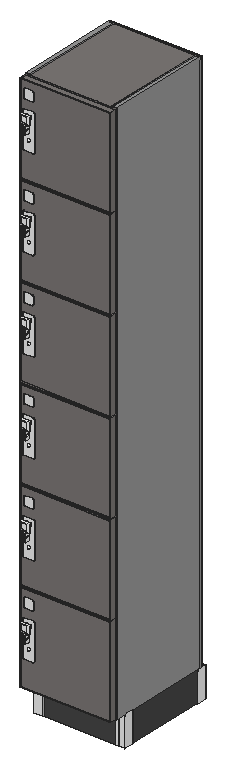
Revit family "Wood_Lockers_Hasps-Salsbury_Industries-46000_Series-1_Wide_Units", category Specialty Equipment, Revit 2023
Family settings
  Round Connector Dimension = Use Diameter
  Part Type = Normal
  OmniClass Number = 23.40.00.00
  OmniClass Title = Equipment and Furnishings
  Work Plane-Based = No
  Enable Cutting in Views = No
  Always vertical = Yes
  Cut with Voids When Loaded = No
  Maintain Annotation Orientation = No
  Shared = No
  Room Calculation Point = No
Parameters (values of type "46165")
  Width = 12.000"
  Version = "1.0 (01/31/24)"
  Unit Height including Sloping Hood Only [instance] = 77.743"
  Unit Height including Base Only [instance] = 76.000"
  URL = "www.lockers.com"
  Type Comments = "Premier Wood Lockers - Box Style - Six Tier - with Hasps"
  Total Doors Height [instance] = if(Unit Height = 72.000", 71.750", if(Unit Height = 60.000", 59.750", 0.000"))  # 71.750"
  Sloping Top Corner Filler - Right Side [instance] = Wood Locker Sloping Corner Fillers : None
  Sloping Top Corner Filler - Left Side [instance] = Wood Locker Sloping Corner Fillers : None
  Sloping In-Line Filler - Right Side [instance] = Wood Locker Sloping In-Line Fillers : None
  Sloping In-Line Filler - Left Side [instance] = Wood Locker Sloping In-Line Fillers : None
  Sloping Hood Height = if(Depth = 15.000", 5.743", if(Depth = 18.000", 6.868", if(Depth = 21.000", 7.993", if(Depth = 24.000", 9.118", 0.000"))))  # 5.743"
  Sloping Hood [instance] = Wood Locker Sloping Hoods : None
  Side Panel without Slope - Right Side [instance] = Wood Locker Side Panels-No Slope : None
  Side Panel without Slope - Left Side [instance] = Wood Locker Side Panels-No Slope : None
  Side Panel with Slope - Right Side [instance] = Wood Locker Side Panels-With Slope : None
  Side Panel with Slope - Left Side [instance] = Wood Locker Side Panels-With Slope : None
  Secondary Structure Materials = Particle Board Industrial Grade - Salsbury Finish - Black Melamine Overlay
  Primary Structure Materials = Particle Board Industrial Grade - Salsbury Finish - Plain
  Overall Unit Height including Base and Sloping Hood [instance] = 81.743"
  OmniClass 23 Title = "Equipment and Furnishings"
  OmniClass 23 Number = "23.40.00.00"
  Model = "46165"
  MasterFormat Title = "Lockers"
  MasterFormat Code = "10 51 23"
  Manufacturer = "Salsbury Industries"
  Laminate Surface [instance] = Industrial Grade Particleboard with Wood Laminate - Salsbury Finish - Skyline Walnut
  Interior Material = Textured Melamine - Salsbury Finish - White
  Individual Door Width [instance] = 11.875"
  Unit Height = 72.000"
  Individual Door Height = if(Unit Height = 72.000", 11.802", if(Unit Height = 60.000", 11.802", 0.000"))  # 11.802"
  Hardware = Aluminum - Salsbury Finish - Black Satin
  Front Vertical Filler - Right Side [instance] = Wood Locker Front Fillers : None
  Front Vertical Filler - Left Side [instance] = Wood Locker Front Fillers : None
  Front Corner Filler - Right Side [instance] = Wood Locker Front Corner Filler : None
  Front Corner Filler - Left Side [instance] = Wood Locker Front Corner Filler : None
  Flat Top In-Line Filler - Right Side [instance] = Wood Locker Flat In-Line Fillers : None
  Flat Top In-Line Filler - Left Side [instance] = Wood Locker Flat In-Line Fillers : None
  Flat Top Corner Filler - Right Side [instance] = Wood Locker Flat Corner Fillers : None
  Flat Top Corner Filler - Left Side [instance] = Wood Locker Flat Corner Fillers : None
  Fascia Filler [instance] = Wood Locker Fascia Fillers : None
  Double Side Panel without Slope - Right Side [instance] = Wood Locker Double Side Panels-No Slope : None
  Double Side Panel without Slope - Left Side [instance] = Wood Locker Double Side Panels-No Slope : None
  Double Side Panel with Slope - Right Side [instance] = Wood Locker Double Side Panels-With Slope : None
  Double Side Panel with Slope - Left Side [instance] = Wood Locker Double Side Panels-With Slope : None
  Door Location D1 = Premier Locker Doors_Hasp : Six Tier Door for Six Foot High Locker
  Description = "1 Wide - 6 Feet High - 15 inches Deep - with Base"
  Depth = 15.000"
  Default Elevation = 0.000"
  Compartment Width [instance] = 10.750"
  Compartment Height [instance] = if(Unit Height = 72.000", 11.125", if(Unit Height = 60.000", 11.100", 0.000"))  # 11.125"
  Compartment Depth [instance] = 13.750"
  Base Material = Particle Board Industrial Grade - Salsbury Finish - Black Melamine Overlay
  Base Height = 4.000"
  Base Depth [instance] = 13.250"
  Base = Wood Locker Bases : Base - 12" W x 15" D Lockers
  Assembly Code = "C1030310"
Reference planes (in)
  plane 1 "Center (Front/Back)": y = 0
  plane 2: z = 0
  plane 3 "Center (Left/Right)": x = 0
  plane 4 "Right Side of Unit": x = 6
  plane 5 "Left Side of Unit": x = -6
  plane 6 "Back of Unit": y = 7.5
  plane 7 "Front of Unit": y = -7.5
  plane 8 "Bottom of Base": z = 0
  plane 9 "Top Edge of Unit": z = 76
  plane 10 "Top of Base Edge": z = 4
  plane 11: z = 81.743
  plane 12 "Right Compartment Edge": x = 5.406
  plane 13 "Left Compartment Edge": x = -5.406
  plane 14 "Front Melamine Edge": y = -6.5
  plane 15 "Back Compartment Edge": y = 7.281
  plane 16 "Front Compartment Edge": y = -6.469
  plane 17 "Front Edge of Base": y = -5.125
  plane 18 "Bottom Edge of Door": z = 4.125
  plane 19 "Top Edge of Door": z = 75.875
  plane 20 "Bottom Compartment Edge": z = 4.75
  plane 21 "Top Compartment Edge": z = 75.25
  plane 22 "Center Top and Bottom": z = 40
  plane 23 "Left Melamine Edge": x = -5.375
  plane 24 "Right Melamine Edge": x = 5.375
  plane 25 "Back Melamine Edge": y = 7.25
  plane 26 "Left Edge of Door": x = -5.875
  plane 27: y = 8.125
  plane 28: y = -5.75
  plane 29 "Base / Ventillation Alignment": y = 8.125
  plane 30 "Compartment Shelf 5": z = 16.625
  plane 31: z = 15.875
  plane 32: z = 15.927
  plane 33: z = 16.115
  plane 34: z = 27.75
  plane 35 "Compartment Shelf 4": z = 28.5
  plane 36: z = 27.917
  plane 37: z = 28.105
  plane 38: z = 39.625
  plane 39 "Compartment Shelf 3": z = 40.375
  plane 40: z = 39.907
  plane 41: z = 40.095
  plane 42 "Compartment Shelf 2": z = 52.25
  plane 43: z = 51.5
  plane 44: z = 51.897
  plane 45: z = 52.085
  plane 46: z = 63.375
  plane 47 "Compartment Shelf 1": z = 64.125
  plane 48: z = 63.887
  plane 49: z = 64.075
Forms (in)
  Extrusion 1, solid, material "Particle Board Industrial Grade - Salsbury Finish - Plain" <- "Primary Structure Materials"
    sketch origin (6, 0, 0) x (0, -1, 0) y (0, 0, 1)
      loop
        line (6.469, 76) -> (-7.25, 76) -> (-7.25, 4) -> (6.469, 4) -> (6.469, 76)
    from 0 to 0.594
  Extrusion 2, solid, material "Particle Board Industrial Grade - Salsbury Finish - Plain" <- "Primary Structure Materials"
    sketch origin (-6, 0, 0) x (0, -1, 0) y (0, 0, 1)
      loop
        line (-7.25, 76) -> (-7.25, 4) -> (6.469, 4) -> (6.469, 76) -> (-7.25, 76)
    from 0 to -0.594
  Extrusion 3, solid, material "Textured Melamine - Salsbury Finish - White" <- "Interior Material"
    sketch origin (0, 0, 4) x (0, -1, 0) y (1, 0, 0)
      loop
        line (-7.25, -5.375) -> (6.469, -5.375) -> (6.469, 5.375) -> (-7.25, 5.375) -> (-7.25, -5.375)
    from 0 to 0.75
  Extrusion 4, solid, material "Industrial Grade Particleboard with Wood Laminate - Salsbury Finish - Skyline Walnut" <- "Laminate Surface"
    sketch origin (0.375, 0.375, 76) x (1, 0, 0) y (0, 1, 0)
      loop
        line (-5.75, -6.875) -> (5, -6.875) -> (5, 6.875) -> (-5.75, 6.875) -> (-5.75, -6.875)
    from 0 to -0.75
  Extrusion 5, solid, material "Particle Board Industrial Grade - Salsbury Finish - Plain" <- "Primary Structure Materials"
    sketch origin (0, 7.5, 0) x (1, 0, 0) y (0, 0, 1)
      loop
        line (-6, 76) -> (-6, 4) -> (6, 4) -> (6, 76) -> (-6, 76)
    from 0 to 0.219
  Extrusion 6, solid, material "Industrial Grade Particleboard with Wood Laminate - Salsbury Finish - Skyline Walnut" <- "Laminate Surface"
    sketch origin (0, -6.469, 0) x (1, 0, 0) y (0, 0, 1)
      loop
        line (-6, 76) -> (-6, 4) -> (-5.375, 4) -> (-5.375, 76) -> (-6, 76)
    from 0 to 0.031
  Extrusion 7, solid, material "Industrial Grade Particleboard with Wood Laminate - Salsbury Finish - Skyline Walnut" <- "Laminate Surface"
    sketch origin (0, -6.469, 0) x (-1, 0, 0) y (0, 0, -1)
      loop
        line (-6, -76) -> (-5.375, -76) -> (-5.375, -4) -> (-6, -4) -> (-6, -76)
    from 0 to 0.031
  Extrusion 8, solid, material "Textured Melamine - Salsbury Finish - White" <- "Interior Material"
    sketch origin (0, 7.25, 0) x (1, 0, 0) y (0, 0, 1)
      loop
        line (-6, 76) -> (-6, 4) -> (6, 4) -> (6, 76) -> (-6, 76)
    from -0.031 to 0
  Extrusion 9, solid, material "Textured Melamine - Salsbury Finish - White" <- "Interior Material"
    sketch origin (-5.406, 0, 0) x (0, -1, 0) y (0, 0, 1)
      loop
        line (-7.25, 76) -> (-7.25, 4) -> (6.469, 4) -> (6.469, 76) -> (-7.25, 76)
    from 0 to -0.031
  Extrusion 10, solid, material "Textured Melamine - Salsbury Finish - White" <- "Interior Material"
    sketch origin (5.406, 0, 0) x (0, -1, 0) y (0, 0, 1)
      loop
        line (6.469, 76) -> (-7.25, 76) -> (-7.25, 4) -> (6.469, 4) -> (6.469, 76)
    from 0 to 0.031
  Extrusion 11, solid, material "Textured Melamine - Salsbury Finish - White" <- "Interior Material", detail levels fine
    sketch origin (0, 0, 16.625) x (0, -1, 0) y (1, 0, 0)
      loop
        line (-7.25, -5.375) -> (6.469, -5.375) -> (6.469, 5.375) -> (-7.25, 5.375) -> (-7.25, -5.375)
    from 0 to -0.75
  Extrusion 12, solid, material "Textured Melamine - Salsbury Finish - White" <- "Interior Material", detail levels fine
    sketch origin (0, 0, 28.5) x (0, -1, 0) y (1, 0, 0)
      loop
        line (-7.25, -5.375) -> (6.469, -5.375) -> (6.469, 5.375) -> (-7.25, 5.375) -> (-7.25, -5.375)
    from 0 to -0.75
  Extrusion 13, solid, material "Textured Melamine - Salsbury Finish - White" <- "Interior Material", detail levels fine
    sketch origin (0, 0, 40.375) x (0, -1, 0) y (1, 0, 0)
      loop
        line (-7.25, -5.375) -> (6.469, -5.375) -> (6.469, 5.375) -> (-7.25, 5.375) -> (-7.25, -5.375)
    from 0 to -0.75
  Extrusion 14, solid, material "Textured Melamine - Salsbury Finish - White" <- "Interior Material", detail levels fine
    sketch origin (0, 0, 52.25) x (0, -1, 0) y (1, 0, 0)
      loop
        line (-7.25, -5.375) -> (6.469, -5.375) -> (6.469, 5.375) -> (-7.25, 5.375) -> (-7.25, -5.375)
    from 0 to -0.75
  Extrusion 15, solid, material "Textured Melamine - Salsbury Finish - White" <- "Interior Material", detail levels fine
    sketch origin (0, 0, 64.125) x (0, -1, 0) y (1, 0, 0)
      loop
        line (-7.25, -5.375) -> (6.469, -5.375) -> (6.469, 5.375) -> (-7.25, 5.375) -> (-7.25, -5.375)
    from 0 to -0.75
  Extrusion 16, solid, material "Industrial Grade Particleboard with Wood Laminate - Salsbury Finish - Skyline Walnut" <- "Laminate Surface"
    sketch origin (0, -6.5, 0) x (1, 0, 0) y (0, 0, 1)
      loop
        line (-5.375, 64.125) -> (-5.375, 63.375) -> (5.375, 63.375) -> (5.375, 64.125) -> (-5.375, 64.125)
    from 0 to -0.031
  Extrusion 17, solid, material "Industrial Grade Particleboard with Wood Laminate - Salsbury Finish - Skyline Walnut" <- "Laminate Surface"
    sketch origin (0, -6.5, 0) x (1, 0, 0) y (0, 0, 1)
      loop
        line (-5.375, 52.25) -> (-5.375, 51.5) -> (5.375, 51.5) -> (5.375, 52.25) -> (-5.375, 52.25)
    from 0 to -0.031
  Extrusion 18, solid, material "Industrial Grade Particleboard with Wood Laminate - Salsbury Finish - Skyline Walnut" <- "Laminate Surface"
    sketch origin (0, -6.5, 0) x (1, 0, 0) y (0, 0, 1)
      loop
        line (-5.375, 40.375) -> (-5.375, 39.625) -> (5.375, 39.625) -> (5.375, 40.375) -> (-5.375, 40.375)
    from 0 to -0.031
  Extrusion 19, solid, material "Industrial Grade Particleboard with Wood Laminate - Salsbury Finish - Skyline Walnut" <- "Laminate Surface"
    sketch origin (0, -6.5, 0) x (1, 0, 0) y (0, 0, 1)
      loop
        line (-5.375, 28.5) -> (-5.375, 27.75) -> (5.375, 27.75) -> (5.375, 28.5) -> (-5.375, 28.5)
    from 0 to -0.031
  Extrusion 20, solid, material "Industrial Grade Particleboard with Wood Laminate - Salsbury Finish - Skyline Walnut" <- "Laminate Surface"
    sketch origin (0, -6.5, 0) x (1, 0, 0) y (0, 0, 1)
      loop
        line (-5.375, 16.625) -> (-5.375, 15.875) -> (5.375, 15.875) -> (5.375, 16.625) -> (-5.375, 16.625)
    from 0 to -0.031
  Extrusion 21, solid, material "Industrial Grade Particleboard with Wood Laminate - Salsbury Finish - Skyline Walnut" <- "Laminate Surface"
    sketch origin (0, -6.5, 0) x (1, 0, 0) y (0, 0, 1)
      loop
        line (-5.375, 4.75) -> (-5.375, 4) -> (5.375, 4) -> (5.375, 4.75) -> (-5.375, 4.75)
    from 0 to -0.031
Lines and regions (in)
  symbolic lines
    curve 1: line (-6, 7.25, 76) -> (6.00006, 7.25, 76)
    curve 2: line (-6, 7.25, 0) -> (-6, 7.25, 76)
    curve 3: line (6.00006, 7.25, 76) -> (6.00006, 7.25, 0)
    curve 4: line (5.406, -6.5, 76) -> (5.406, 8.125, 76)
    curve 5: line (5.406, -6.5, 0) -> (5.406, -6.5, 76)
    curve 6: line (5.406, 8.125, 76) -> (5.406, 8.125, 0)
    curve 7: line (6.00006, 7.25, 0) -> (-6, 7.25, 0)
    curve 8: line (5.406, -5.125, 0) -> (5.406, 8.125, 0)
    curve 9: line (5.406, 8.125, 0) -> (5.406, -5.125, 0)
    curve 10: line (5.406, -6.5, 0) -> (5.406, 8.125, 0)
    curve 11: line (-6, 8.125, 0) -> (6, 8.125, 0)
    curve 12: line (-6, -6.5, 0) -> (-6, 8.125, 0)
    curve 13: line (6, -6.5, 0) -> (-6, -6.5, 0)
    curve 14: line (6, 8.125, 0) -> (6, -6.5, 0)
Dimensions and locks (in)
  equal spacing: plane 5 "Left Side of Unit", plane 3 "Center (Left/Right)", plane 4 "Right Side of Unit"
  "Width": plane 5 "Left Side of Unit" to plane 4 "Right Side of Unit"
  equal spacing: plane 7 "Front of Unit", plane 1 "Center (Front/Back)", plane 6 "Back of Unit"
  "Depth": plane 7 "Front of Unit" to plane 6 "Back of Unit"
  "Base Height": plane 10 "Top of Base Edge" to plane 8 "Bottom of Base"
  "Unit Height": plane 9 "Top Edge of Unit" to plane 10 "Top of Base Edge"
  "Sloping Hood Height": plane 11 to plane 9 "Top Edge of Unit"
  locked: plane 12 "Right Compartment Edge" to plane 4 "Right Side of Unit" at 0.594
  locked: plane 5 "Left Side of Unit" to plane 13 "Left Compartment Edge" at 0.594
  locked: plane 7 "Front of Unit" to plane 14 "Front Melamine Edge" at 1
  locked: plane 15 "Back Compartment Edge" to plane 6 "Back of Unit" at 0.219
  locked: plane 14 "Front Melamine Edge" to plane 16 "Front Compartment Edge" at 0.031
  plane 18 "Bottom Edge of Door" to plane 10 "Top of Base Edge" = 0.125"
  plane 9 "Top Edge of Unit" to plane 19 "Top Edge of Door" = 0.125"
  plane 20 "Bottom Compartment Edge" to plane 10 "Top of Base Edge" = 0.750"
  plane 9 "Top Edge of Unit" to plane 21 "Top Compartment Edge" = 0.750"
  equal spacing: plane 9 "Top Edge of Unit", plane 22 "Center Top and Bottom", plane 10 "Top of Base Edge"
  locked: plane 24 "Right Melamine Edge" to plane 12 "Right Compartment Edge" at 0.031
  locked: plane 13 "Left Compartment Edge" to plane 23 "Left Melamine Edge" at 0.031
  locked: plane 25 "Back Melamine Edge" to plane 15 "Back Compartment Edge" at 0.031
  locked: plane 5 "Left Side of Unit" to plane 26 "Left Edge of Door" at 0.125
  "Individual Door Width": plane 26 "Left Edge of Door" to plane 4 "Right Side of Unit"
  "Total Doors Height": plane 19 "Top Edge of Door" to plane 18 "Bottom Edge of Door"
  "Unit Height including Base Only": plane 9 "Top Edge of Unit" to plane 8 "Bottom of Base"
  "Unit Height including Sloping Hood Only": plane 11 to plane 10 "Top of Base Edge"
  "Overall Unit Height including Base and Sloping Hood": plane 11 to plane 8 "Bottom of Base"
  locked: plane 7 "Front of Unit" to plane 17 "Front Edge of Base" at 2.375
  locked: plane 6 "Back of Unit" to plane 27 at 0.625
  "Base Depth": plane 17 "Front Edge of Base" to plane 27
  "Compartment Width": plane 23 "Left Melamine Edge" to plane 24 "Right Melamine Edge"
  "Compartment Height": plane 31 to plane 20 "Bottom Compartment Edge"
  "Compartment Depth": plane 14 "Front Melamine Edge" to plane 25 "Back Melamine Edge"
  locked: plane 14 "Front Melamine Edge" to plane 28 at 0.75
  plane 14 "Front Melamine Edge" to plane 27 = 14.625"
  Extrusion 2 to Extrusion 9 = 13.719"
  plane 6 "Back of Unit" to plane 29 "Base / Ventillation Alignment" = 0.625"
  locked: plane 30 "Compartment Shelf 5" to plane 31 at 0.75
  locked: plane 33 to plane 32 at 0.188
  "Individual Door Height": plane 32 to plane 18 "Bottom Edge of Door"
  locked: plane 35 "Compartment Shelf 4" to plane 34 at 0.75
  locked: plane 37 to plane 36 at 0.188
  "Compartment Height": plane 34 to plane 30 "Compartment Shelf 5"
  "Individual Door Height": plane 36 to plane 33
  locked: plane 39 "Compartment Shelf 3" to plane 38 at 0.75
  locked: plane 41 to plane 40 at 0.188
  "Compartment Height": plane 38 to plane 35 "Compartment Shelf 4"
  "Individual Door Height": plane 40 to plane 37
  locked: plane 49 to plane 48 at 0.188
  locked: plane 47 "Compartment Shelf 1" to plane 46 at 0.75
  locked: plane 42 "Compartment Shelf 2" to plane 43 at 0.75
  locked: plane 45 to plane 44 at 0.188
  "Compartment Height": plane 43 to plane 39 "Compartment Shelf 3"
  "Compartment Height": plane 46 to plane 42 "Compartment Shelf 2"
  "Individual Door Height": plane 44 to plane 41
  "Individual Door Height": plane 48 to plane 45
  nested 6 to plane 20 "Bottom Compartment Edge" = 70.500"
  aligned and locked: level to plane 2
  aligned and locked: plane 15 "Back Compartment Edge" to Extrusion 5
  aligned and locked: plane 4 "Right Side of Unit" to nested 1
  aligned and locked: plane 18 "Bottom Edge of Door" to nested 1
  aligned and locked: plane 7 "Front of Unit" to nested 1
  aligned and locked: plane 9 "Top Edge of Unit" to nested 2
  aligned and locked: plane 14 "Front Melamine Edge" to nested 2
  aligned and locked: plane 5 "Left Side of Unit" to nested 3
  aligned and locked: plane 14 "Front Melamine Edge" to nested 3
  aligned and locked: plane 9 "Top Edge of Unit" to nested 3
  aligned and locked: plane 4 "Right Side of Unit" to nested 4
  aligned and locked: nested 4 to plane 9 "Top Edge of Unit"
  aligned and locked: nested 4 to plane 14 "Front Melamine Edge"
  aligned and locked: plane 9 "Top Edge of Unit" to nested 5
  aligned and locked: plane 28 to nested 5
  aligned and locked: nested 6 to plane 28
  aligned and locked: plane 5 "Left Side of Unit" to nested 6
  aligned and locked: plane 4 "Right Side of Unit" to nested 5
  aligned and locked: nested 6 to plane 9 "Top Edge of Unit"
  aligned and locked: nested 8 to plane 5 "Left Side of Unit"
  aligned and locked: nested 7 to plane 4 "Right Side of Unit"
  aligned and locked: plane 14 "Front Melamine Edge" to nested 7
  aligned and locked: nested 8 to plane 14 "Front Melamine Edge"
  aligned and locked: plane 10 "Top of Base Edge" to nested 7
  aligned and locked: nested 8 to plane 10 "Top of Base Edge"
  aligned and locked: plane 5 "Left Side of Unit" to nested 9
  aligned and locked: plane 4 "Right Side of Unit" to nested 10
  aligned and locked: nested 10 to plane 10 "Top of Base Edge"
  aligned and locked: plane 10 "Top of Base Edge" to nested 9
  aligned and locked: plane 16 "Front Compartment Edge" to nested 10
  aligned and locked: nested 9 to plane 14 "Front Melamine Edge"
  aligned and locked: plane 4 "Right Side of Unit" to nested 11
  aligned and locked: nested 11 to plane 10 "Top of Base Edge"
  aligned and locked: plane 14 "Front Melamine Edge" to nested 11
  aligned and locked: plane 14 "Front Melamine Edge" to nested 12
  aligned and locked: nested 12 to nested 4
  aligned and locked: plane 10 "Top of Base Edge" to nested 12
  aligned and locked: nested 13 to plane 5 "Left Side of Unit"
  aligned and locked: nested 13 to plane 14 "Front Melamine Edge"
  aligned and locked: nested 13 to plane 10 "Top of Base Edge"
  aligned and locked: plane 14 "Front Melamine Edge" to nested 14
  aligned and locked: nested 14 to plane 4 "Right Side of Unit"
  aligned and locked: nested 15 to plane 14 "Front Melamine Edge"
  aligned and locked: nested 15 to plane 5 "Left Side of Unit"
  aligned and locked: plane 10 "Top of Base Edge" to nested 14
  aligned and locked: nested 15 to plane 10 "Top of Base Edge"
  aligned and locked: plane 14 "Front Melamine Edge" to nested 16
  aligned and locked: plane 4 "Right Side of Unit" to nested 16
  aligned and locked: nested 17 to plane 14 "Front Melamine Edge"
  aligned and locked: plane 5 "Left Side of Unit" to nested 17
  aligned and locked: nested 16 to plane 8 "Bottom of Base"
  aligned and locked: nested 17 to plane 8 "Bottom of Base"
  aligned and locked: nested 18 to plane 5 "Left Side of Unit"
  aligned and locked: nested 19 to plane 4 "Right Side of Unit"
  aligned and locked: nested 19 to plane 14 "Front Melamine Edge"
  aligned and locked: plane 14 "Front Melamine Edge" to nested 18
  aligned and locked: plane 8 "Bottom of Base" to nested 19
  aligned and locked: nested 18 to plane 8 "Bottom of Base"
  aligned and locked: plane 17 "Front Edge of Base" to nested 20
  aligned and locked: plane 9 "Top Edge of Unit" to nested 21
  aligned and locked: plane 5 "Left Side of Unit" to nested 21
  aligned and locked: nested 22 to plane 9 "Top Edge of Unit"
  aligned and locked: plane 4 "Right Side of Unit" to nested 22
  aligned and locked: nested 22 to plane 14 "Front Melamine Edge"
  aligned and locked: nested 21 to plane 14 "Front Melamine Edge"
  aligned and locked: nested 24 to plane 9 "Top Edge of Unit"
  aligned and locked: plane 4 "Right Side of Unit" to nested 24
  aligned and locked: nested 23 to plane 9 "Top Edge of Unit"
  aligned and locked: plane 5 "Left Side of Unit" to nested 23
  aligned and locked: nested 24 to plane 28
  aligned and locked: nested 23 to plane 28
  aligned and locked: plane 14 "Front Melamine Edge" to nested 25
  aligned and locked: plane 9 "Top Edge of Unit" to nested 25
  aligned and locked: plane 8 "Bottom of Base" to nested 20
  aligned and locked: plane 3 "Center (Left/Right)" to nested 20
  aligned and locked: plane 25 "Back Melamine Edge" to Extrusion 3 sketch curve
  aligned and locked: Extrusion 3 sketch curve to plane 23 "Left Melamine Edge"
  aligned and locked: plane 24 "Right Melamine Edge" to Extrusion 3 sketch curve
  aligned and locked: Extrusion 4 to plane 9 "Top Edge of Unit"
  aligned and locked: plane 21 "Top Compartment Edge" to Extrusion 4
  aligned and locked: Extrusion 2 sketch curve to plane 9 "Top Edge of Unit"
  aligned and locked: plane 16 "Front Compartment Edge" to Extrusion 2 sketch curve
  aligned and locked: Extrusion 2 sketch curve to plane 25 "Back Melamine Edge"
  aligned and locked: plane 10 "Top of Base Edge" to Extrusion 2 sketch curve
  aligned and locked: Extrusion 2 to plane 13 "Left Compartment Edge"
  aligned and locked: plane 5 "Left Side of Unit" to Extrusion 2
  aligned and locked: plane 10 "Top of Base Edge" to Extrusion 9 sketch curve
  aligned and locked: Extrusion 9 sketch curve to plane 25 "Back Melamine Edge"
  aligned and locked: Extrusion 9 sketch curve to plane 9 "Top Edge of Unit"
  aligned and locked: Extrusion 1 sketch curve to plane 16 "Front Compartment Edge"
  aligned and locked: plane 9 "Top Edge of Unit" to Extrusion 1 sketch curve
  aligned and locked: Extrusion 1 sketch curve to plane 10 "Top of Base Edge"
  aligned and locked: plane 25 "Back Melamine Edge" to Extrusion 1 sketch curve
  aligned and locked: Extrusion 1 to plane 4 "Right Side of Unit"
  aligned and locked: plane 12 "Right Compartment Edge" to Extrusion 1
  aligned and locked: Extrusion 10 sketch curve to plane 10 "Top of Base Edge"
  aligned and locked: plane 25 "Back Melamine Edge" to Extrusion 10 sketch curve
  aligned and locked: Extrusion 10 sketch curve to plane 16 "Front Compartment Edge"
  aligned and locked: plane 9 "Top Edge of Unit" to Extrusion 10 sketch curve
  aligned and locked: Extrusion 10 to plane 12 "Right Compartment Edge"
  aligned and locked: plane 24 "Right Melamine Edge" to Extrusion 10
  aligned and locked: Extrusion 8 sketch curve to plane 10 "Top of Base Edge"
  aligned and locked: plane 4 "Right Side of Unit" to Extrusion 8 sketch curve
  aligned and locked: plane 9 "Top Edge of Unit" to Extrusion 8 sketch curve
  aligned and locked: Extrusion 8 sketch curve to plane 5 "Left Side of Unit"
  aligned and locked: Extrusion 8 to plane 15 "Back Compartment Edge"
  aligned and locked: plane 25 "Back Melamine Edge" to Extrusion 8
  aligned and locked: plane 9 "Top Edge of Unit" to Extrusion 5 sketch curve
  aligned and locked: Extrusion 5 sketch curve to plane 5 "Left Side of Unit"
  aligned and locked: Extrusion 5 sketch curve to plane 10 "Top of Base Edge"
  aligned and locked: plane 4 "Right Side of Unit" to Extrusion 5 sketch curve
  aligned and locked: Extrusion 7 sketch curve to plane 9 "Top Edge of Unit"
  aligned and locked: Extrusion 7 sketch curve to plane 4 "Right Side of Unit"
  aligned and locked: plane 24 "Right Melamine Edge" to Extrusion 7 sketch curve
  aligned and locked: plane 10 "Top of Base Edge" to Extrusion 7 sketch curve
  aligned and locked: Extrusion 7 to plane 16 "Front Compartment Edge"
  aligned and locked: plane 14 "Front Melamine Edge" to Extrusion 7
  aligned and locked: Extrusion 6 sketch curve to plane 10 "Top of Base Edge"
  aligned and locked: plane 23 "Left Melamine Edge" to Extrusion 6 sketch curve
  aligned and locked: Extrusion 6 sketch curve to plane 5 "Left Side of Unit"
  aligned and locked: plane 9 "Top Edge of Unit" to Extrusion 6 sketch curve
  aligned and locked: Extrusion 6 to plane 16 "Front Compartment Edge"
  aligned and locked: plane 14 "Front Melamine Edge" to Extrusion 6
  aligned and locked: plane 16 "Front Compartment Edge" to Extrusion 9
  aligned and locked: plane 13 "Left Compartment Edge" to Extrusion 9
  aligned and locked: nested 3 to curve 1
  aligned and locked: curve 2 to nested 17
  aligned and locked: curve 4 to nested 2
  aligned and locked: nested 16 to curve 5
  aligned and locked: curve 9 to nested 20
  aligned and locked: curve 10 to nested 16
  aligned and locked: curve 13 to plane 14 "Front Melamine Edge"
  aligned and locked: curve 12 to plane 5 "Left Side of Unit"
  aligned and locked: plane 29 "Base / Ventillation Alignment" to curve 11
  aligned and locked: plane 3 "Center (Left/Right)" to nested 2
  aligned and locked: plane 3 "Center (Left/Right)" to nested 25
  aligned and locked: plane 29 "Base / Ventillation Alignment" to curve 6
  aligned and locked: plane 25 "Back Melamine Edge" to Extrusion 11 sketch curve
  aligned and locked: Extrusion 11 sketch curve to plane 23 "Left Melamine Edge"
  aligned and locked: plane 24 "Right Melamine Edge" to Extrusion 11 sketch curve
  aligned and locked: plane 25 "Back Melamine Edge" to Extrusion 12 sketch curve
  aligned and locked: plane 24 "Right Melamine Edge" to Extrusion 12 sketch curve
  aligned and locked: Extrusion 12 sketch curve to plane 23 "Left Melamine Edge"
  aligned and locked: plane 33 to nested 26
  aligned and locked: plane 4 "Right Side of Unit" to nested 26
  aligned and locked: plane 4 "Right Side of Unit" to nested 27
  aligned and locked: plane 37 to nested 27
  aligned and locked: plane 7 "Front of Unit" to nested 27
  aligned and locked: plane 7 "Front of Unit" to nested 26
  aligned and locked: plane 25 "Back Melamine Edge" to Extrusion 13 sketch curve
  aligned and locked: plane 24 "Right Melamine Edge" to Extrusion 13 sketch curve
  aligned and locked: Extrusion 13 sketch curve to plane 23 "Left Melamine Edge"
  aligned and locked: plane 41 to nested 28
  aligned and locked: plane 4 "Right Side of Unit" to nested 28
  aligned and locked: plane 7 "Front of Unit" to nested 28
  aligned and locked: plane 25 "Back Melamine Edge" to Extrusion 14 sketch curve
  aligned and locked: plane 24 "Right Melamine Edge" to Extrusion 14 sketch curve
  aligned and locked: Extrusion 14 sketch curve to plane 23 "Left Melamine Edge"
  aligned and locked: plane 25 "Back Melamine Edge" to Extrusion 15 sketch curve
  aligned and locked: plane 24 "Right Melamine Edge" to Extrusion 15 sketch curve
  aligned and locked: Extrusion 15 sketch curve to plane 23 "Left Melamine Edge"
  aligned and locked: plane 7 "Front of Unit" to nested 30
  aligned and locked: plane 7 "Front of Unit" to nested 29
  aligned and locked: plane 45 to nested 29
  aligned and locked: plane 49 to nested 30
  aligned and locked: plane 4 "Right Side of Unit" to nested 30
  aligned and locked: plane 4 "Right Side of Unit" to nested 29
  aligned and locked: plane 14 "Front Melamine Edge" to Extrusion 4
  aligned and locked: plane 16 "Front Compartment Edge" to Extrusion 15
  aligned and locked: plane 16 "Front Compartment Edge" to Extrusion 14
  aligned and locked: plane 16 "Front Compartment Edge" to Extrusion 13
  aligned and locked: plane 16 "Front Compartment Edge" to Extrusion 12
  aligned and locked: plane 16 "Front Compartment Edge" to Extrusion 11
  aligned and locked: plane 16 "Front Compartment Edge" to Extrusion 3
  aligned and locked: Extrusion 16 sketch curve to Extrusion 15  (x4)
  aligned and locked: plane 14 "Front Melamine Edge" to Extrusion 16
  aligned and locked: Extrusion 16 to plane 16 "Front Compartment Edge"
  aligned and locked: Extrusion 17 sketch curve to Extrusion 14  (x4)
  aligned and locked: plane 14 "Front Melamine Edge" to Extrusion 17
  aligned and locked: Extrusion 17 to plane 16 "Front Compartment Edge"
  aligned and locked: Extrusion 18 sketch curve to Extrusion 13  (x4)
  aligned and locked: plane 14 "Front Melamine Edge" to Extrusion 18
  aligned and locked: Extrusion 18 to plane 16 "Front Compartment Edge"
  aligned and locked: Extrusion 19 sketch curve to Extrusion 12  (x4)
  aligned and locked: plane 14 "Front Melamine Edge" to Extrusion 19
  aligned and locked: Extrusion 19 to plane 16 "Front Compartment Edge"
  aligned and locked: Extrusion 20 sketch curve to Extrusion 11  (x4)
  aligned and locked: plane 14 "Front Melamine Edge" to Extrusion 20
  aligned and locked: Extrusion 20 to plane 16 "Front Compartment Edge"
  aligned and locked: Extrusion 21 sketch curve to Extrusion 3  (x3)
  aligned and locked: Extrusion 7 to Extrusion 21 sketch curve
  aligned and locked: plane 14 "Front Melamine Edge" to Extrusion 21
  aligned and locked: Extrusion 21 to plane 16 "Front Compartment Edge"
Automatic sketch dimensions
  Extrusion 9 sketch curve to plane 16 "Front Compartment Edge" = 0.000"
  curve 3 to level = 0.000"
  curve 3 to plane 4 "Right Side of Unit" = 0.00006"
  curve 8 to plane 17 "Front Edge of Base" = 0.000"
  curve 9 to plane 17 "Front Edge of Base" = 0.000"
  curve 13 to plane 4 "Right Side of Unit" = 0.000"
  Extrusion 4 sketch curve to plane 5 "Left Side of Unit" = 0.625"
  plane 17 "Front Edge of Base" to Extrusion 4 sketch curve = 1.375"
  plane 4 "Right Side of Unit" to Extrusion 4 sketch curve = 0.625"
  plane 25 "Back Melamine Edge" to Extrusion 4 sketch curve = 0.000"
  Extrusion 15 sketch curve to plane 14 "Front Melamine Edge" = 0.031"
  Extrusion 14 sketch curve to plane 14 "Front Melamine Edge" = 0.031"
  Extrusion 13 sketch curve to plane 14 "Front Melamine Edge" = 0.031"
  Extrusion 12 sketch curve to plane 14 "Front Melamine Edge" = 0.031"
  Extrusion 11 sketch curve to plane 14 "Front Melamine Edge" = 0.031"
  Extrusion 3 sketch curve to plane 14 "Front Melamine Edge" = 0.031"
Nested families (in)
  nested 1: "Premier Locker Doors_Hasp" at (0.0625, -7.125, 4.125), type <- "Door Location D1", type "Six Tier Door for Six Foot High Locker"
  nested 2: "Wood Locker Sloping Hoods" at (0, 0.8125, 76), type <- "Sloping Hood", type "None"
  nested 3: "Wood Locker Sloping Corner Fillers" at (-15.25, 0.5, 76), type <- "Sloping Top Corner Filler - Left Side", type "None"
  nested 4: "Wood Locker Sloping Corner Fillers" at (15.25, 0.5, 76) x (-1, 0, 0) z (0, 0, 1), type <- "Sloping Top Corner Filler - Right Side", type "None"
  nested 5: "Wood Locker Flat Corner Fillers" at (13.5, -2.125, 75.25), type <- "Flat Top Corner Filler - Right Side", type "None"
  nested 6: "Wood Locker Flat Corner Fillers" at (-13.5, -2.125, 75.25) x (-1, 0, 0) z (0, 0, 1), type <- "Flat Top Corner Filler - Left Side", type "None"
  nested 7: "Wood Locker Side Panels-No Slope" at (6.375, 0.5, 4) x (0, 1, 0) z (0, 0, 1), type <- "Side Panel without Slope - Right Side", type "None"
  nested 8: "Wood Locker Side Panels-No Slope" at (-6.375, 0.5, 4) x (0, 1, 0) z (0, 0, 1), type <- "Side Panel without Slope - Left Side", type "None"
  nested 9: "Wood Locker Side Panels-With Slope" at (-6.375, 0.5, 4) x (0, -1, 0) z (0, 0, 1), type <- "Side Panel with Slope - Left Side", type "None"
  nested 10: "Wood Locker Side Panels-With Slope" at (6.375, 0.531, 4) x (0, -1, 0) z (0, 0, 1), type <- "Side Panel with Slope - Right Side", type "None"
  nested 11: "Wood Locker Side Panels-With Slope" at (6.375, 0.5, 4) x (0, -1, 0) z (0, 0, 1), type <- "Side Panel with Slope - Right Side", type "None"
  nested 12: "Wood Locker Double Side Panels-No Slope" at (6.375, 0.5, 4) x (0, 1, 0) z (0, 0, 1), type <- "Double Side Panel without Slope - Right Side", type "None"
  nested 13: "Wood Locker Double Side Panels-No Slope" at (-6.375, 0.5, 4) x (0, 1, 0) z (0, 0, 1), type <- "Double Side Panel without Slope - Left Side", type "None"
  nested 14: "Wood Locker Double Side Panels-With Slope" at (6.375, 0.5, 4) x (0, 1, 0) z (0, 0, 1), type <- "Double Side Panel with Slope - Right Side", type "None"
  nested 15: "Wood Locker Double Side Panels-With Slope" at (-6.375, 0.5, 4) x (0, 1, 0) z (0, 0, 1), type <- "Double Side Panel with Slope - Left Side", type "None"
  nested 16: "Wood Locker Front Fillers" at (13.5, -6.125, 0), type <- "Front Vertical Filler - Right Side", type "None"
  nested 17: "Wood Locker Front Fillers" at (-13.5, -6.125, 0) x (-1, 0, 0) z (0, 0, 1), type <- "Front Vertical Filler - Left Side", type "None"
  nested 18: "Wood Locker Front Corner Filler" at (-7.125, -6.125, 0), type <- "Front Corner Filler - Left Side", type "None"
  nested 19: "Wood Locker Front Corner Filler" at (7.125, -6.125, 0) x (-1, 0, 0) z (0, 0, 1), type <- "Front Corner Filler - Right Side", type "None"
  nested 20: "Wood Locker Bases" at (0, 1.5, 0), type <- "Base", type "Base - 12" W x 15" D Lockers"
  nested 21: "Wood Locker Sloping In-Line Fillers" at (-12, 0.5, 76), type <- "Sloping In-Line Filler - Left Side", type "None"
  nested 22: "Wood Locker Sloping In-Line Fillers" at (12, 0.5, 76) x (-1, 0, 0) z (0, 0, 1), type <- "Sloping In-Line Filler - Right Side", type "None"
  nested 23: "Wood Locker Flat In-Line Fillers" at (-13.5, 0.875, 75.25), type <- "Flat Top In-Line Filler - Left Side", type "None"
  nested 24: "Wood Locker Flat In-Line Fillers" at (13.5, 0.875, 75.25) x (-1, 0, 0) z (0, 0, 1), type <- "Flat Top In-Line Filler - Right Side", type "None"
  nested 25: "Wood Locker Fascia Fillers" at (0, -6.125, 76), type <- "Fascia Filler", type "None"
  nested 26: "Premier Locker Doors_Hasp" at (0.0625, -7.125, 16.115), type <- "Door Location D1", type "Six Tier Door for Six Foot High Locker"
  nested 27: "Premier Locker Doors_Hasp" at (0.0625, -7.125, 28.105), type <- "Door Location D1", type "Six Tier Door for Six Foot High Locker"
  nested 28: "Premier Locker Doors_Hasp" at (0.0625, -7.125, 40.095), type <- "Door Location D1", type "Six Tier Door for Six Foot High Locker"
  nested 29: "Premier Locker Doors_Hasp" at (0.0625, -7.125, 52.085), type <- "Door Location D1", type "Six Tier Door for Six Foot High Locker"
  nested 30: "Premier Locker Doors_Hasp" at (0.0625, -7.125, 64.075), type <- "Door Location D1", type "Six Tier Door for Six Foot High Locker"
Definition of nested family "Premier Locker Doors_Hasp"
  Parameters (values of type "Single Tier Door for Six Foot High Locker")
    Width = 11.875"
    Visible Number Plates = yes
    Visible Center Hinge = yes
    Primary Structure Materials = none
    Number Tag-Vertical Offset = 31.625"
    Number Tag-Horizontal Offset = 10.750"
    Number Tag Width = 1.250"
    Number Tag Height = 1.250"
    Model = "Premier Locker Doors"
    Manufacturer = "Salsbury Industries"
    Lock Width = 1.500"
    Lock Height = 4.875"
    Laminate Surface = none
    Height = 71.750"
    Lock Vertical Offset = 35.875"
    Lock Horizontal Offset = 0.375"
    Door Trim = none
    Door Hasps = none
    Depth = 0.750"
    Default Elevation = 48.000"
  Types (8): name | Visible Center Hinge | Number Tag-Vertical Offset | Height | Lock Vertical Offset
    Single Tier Door for Six Foot High Locker | yes | 31.625" | 71.750" | 35.875"
    Double Tier Door-1 for Six Foot High Locker | no | 27.641" | 35.781" | 31.891"
    Double Tier Door-2 for Six Foot High Locker | yes | 2.078" | 35.781" | 6.328"
    Triple Tier Door-1 for Six Foot High Locker | no | 15.651" | 23.791" | 19.901"
    Triple Tier Door-2 for Six Foot High Locker | no | 7.646" | 23.791" | 11.896"
    Triple Tier Door-3 for Six Foot High Locker | no | 2.078" | 23.791" | 6.328"
    Four Tier Door for Six Foot High Locker | no | 4.647" | 17.796" | 8.897"
    Six Tier Door for Six Foot High Locker | no | 1.650" | 11.801" | 5.900"
  Reference planes (in)
    plane 1 "Center (Front/Back)": y = 0
    plane 2: z = 0
    plane 3 "Center (Left/Right)": x = 0
    plane 4 "Left Side of Door": x = -5.9375
    plane 5 "Right Side of Door": x = 5.9375
    plane 6 "Back of Door": y = 0.375
    plane 7 "Front of Door": y = -0.375
    plane 8 "Bottom of Door": z = 0
    plane 9 "Top of Door": z = 71.75
    plane 10 "Center of Door": z = 35.875
    plane 11 "Top of Number Tag": z = 40.75
    plane 12 "Bottom of Number Tag": z = 39.5
    plane 13 "Left Side of Number Tag": x = -5.4375
    plane 14 "Right Side of Number Tag": x = -4.1875
    plane 15 "Horizontal Center of Number Tag": x = -4.8125
    plane 16 "Center of Number Tag": z = 40.125
    plane 17 "Left Side of Lock": x = -5.5625
    plane 18 "Right Side of Lock": x = -4.0625
    plane 19 "Lock Vertical Center": z = 35.875
    plane 20 "Top of Lock": z = 38.3125
    plane 21 "Bottom of Lock": z = 33.4375
    plane 22 "Front of Hasp Stud": y = -0.5
    plane 23 "Left Side of Door-Right Side of Trim": x = -5.8125
    plane 24 "Right Side of Door-Left Side of Trim": x = 5.8125
    plane 25 "Top of Door-Bottom of Trim": z = 71.625
    plane 26 "Bottom of Door-Top of Trim": z = 0.125
    plane 27 "Laminate-Particleboard Line": y = -0.344
    plane 28 "Melamine-Particleboard Line": y = 0.344
    plane 29 "Back of Number Plate Inset": y = -0.313
    plane 30 "Center of Lock": x = -4.8125
    plane 31: y = -0.188
    plane 32 "Door Stopper Plane": y = 0.625
    plane 33: x = -5.4875
    plane 34: z = 71.3
    plane 35 "Top Hinge": z = 68.75
    plane 36: x = 5.3125
    plane 37 "Bottom Hinge": z = 3
    plane 38 "Inner Knob": y = -1.094
    plane 39 "Front of Knob": y = -1.125
    plane 40: z = 37.1875
    plane 41: z = 34.5625
    plane 42: z = 38.1875
    plane 43: x = -4.1875
    plane 44: x = -5.4375
    plane 45: z = 36.9375
    plane 46 "Top of Hole": z = 36.8125
    plane 47: x = -4.6245
    plane 48: x = -5.0005
    plane 49 "Bottom of Hole": z = 35.5625
    plane 50 "Stud Alignment": z = 34.8125
    plane 51 "Center of Handle": z = 37.5625
    plane 52: z = 37.7505
    plane 53: z = 37.3745
    plane 54: z = 37.96546
    plane 55: z = 37.15954
    plane 56 "Front of Latch": y = -1
    plane 57: z = 36.6844
    plane 58: z = 35.6844
    plane 59: z = 36.1844
    plane 60: x = 5.3435
    plane 61: z = 36.6245
    plane 62: z = 35.74816
  Forms (in)
    Extrusion 1, solid, detail levels fine
      sketch origin (0, 0, 0) x (1, 0, 0) y (0, 0, 1)
        loop
          line (-5.9065, 0.031) -> (5.9065, 0.031) -> (5.9065, 71.719) -> (-5.9065, 71.719) -> (-5.9065, 0.031)
      from -0.344 to 0.344
    Extrusion 2, solid, material <- "Laminate Surface", detail levels fine
      sketch origin (0, 0.375, 0) x (1, 0, 0) y (0, 0, 1)
        loop
          line (-5.9065, 0.031) -> (5.9065, 0.031) -> (5.9065, 71.719) -> (-5.9065, 71.719) -> (-5.9065, 0.031)
      from 0.031 to 0
    Extrusion 3, solid, material <- "Laminate Surface"
      sketch origin (0, -0.375, 0) x (1, 0, 0) y (0, 0, 1)
        loop
          line (-5.9065, 0.031) -> (5.9065, 0.031) -> (5.9065, 71.719) -> (-5.9065, 71.719) -> (-5.9065, 0.031)
      from 0 to -0.031
    Sweep 4, solid, material <- "Door Trim"
      path origin (0, 0, 0) x (1, 0, 0) y (0, 0, 1)
        loop
          line (5.8125, 71.625) -> (-5.8125, 71.625) -> (-5.8125, 0.125) -> (5.8125, 0.125) -> (5.8125, 71.625)
      profile origin (0, 0, 71.625) x (0, 0, -1) y (0, -1, 0)
        loop
          line (-0.125, 0.375) -> (-0.125, -0.375) -> (-0.094, -0.375) -> (-0.094, 0.375) -> (-0.125, 0.375)
    Extrusion 5, void
      sketch origin (-1.875, -0.313, 0) x (1, 0, 0) y (0, 0, 1)
        loop
          arc (-3.41334, 40.75) -> (-3.51881, 40.70631) -> (-3.5625, 40.60084) r 0.14916
          line (-3.5625, 40.60084) -> (-3.5625, 39.64916)
          arc (-3.5625, 39.64916) -> (-3.51881, 39.54369) -> (-3.41334, 39.5) r 0.14916
          line (-3.41334, 39.5) -> (-2.46166, 39.5)
          arc (-2.46166, 39.5) -> (-2.35619, 39.54369) -> (-2.3125, 39.64916) r 0.14916
          line (-2.3125, 39.64916) -> (-2.3125, 40.60084)
          arc (-2.3125, 40.60084) -> (-2.35619, 40.70631) -> (-2.46166, 40.75) r 0.14916
          line (-2.46166, 40.75) -> (-3.41334, 40.75)
      from 0 to 0.062
    Extrusion 6, solid, visible <- "Visible Number Plates", detail levels medium+fine
      sketch origin (-1.875, -0.375, 0) x (1, 0, 0) y (0, 0, 1)
        loop
          arc (-3.41334, 40.75) -> (-3.51881, 40.70631) -> (-3.5625, 40.60084) r 0.14916
          line (-3.5625, 40.60084) -> (-3.5625, 39.64916)
          arc (-3.5625, 39.64916) -> (-3.51881, 39.54369) -> (-3.41334, 39.5) r 0.14916
          line (-3.41334, 39.5) -> (-2.46166, 39.5)
          arc (-2.46166, 39.5) -> (-2.35619, 39.54369) -> (-2.3125, 39.64916) r 0.14916
          line (-2.3125, 39.64916) -> (-2.3125, 40.60084)
          arc (-2.3125, 40.60084) -> (-2.35619, 40.70631) -> (-2.46166, 40.75) r 0.14916
          line (-2.46166, 40.75) -> (-3.41334, 40.75)
      from -0.062 to 0
    Extrusion 7, solid, detail levels medium+fine
      sketch origin (0, 0.375, 0) x (1, 0, 0) y (0, 0, 1)
        loop
          circle (-5.4875, 71.3) r 0.25
      from 0 to -0.25
    Extrusion 8, solid, detail levels medium+fine
      sketch origin (0, 0.375, 0) x (1, 0, 0) y (0, 0, 1)
        loop
          line (5.3125, 68.5) -> (5.3125, 69) -> (4.8125, 69) -> (4.8125, 68.5) -> (5.3125, 68.5)
      from 0 to -0.25
    Extrusion 9, solid, detail levels medium+fine
      sketch origin (0, 0.375, -0.25) x (1, 0, 0) y (0, 0, 1)
        loop
          line (5.3125, 3) -> (5.3125, 3.5) -> (4.8125, 3.5) -> (4.8125, 3) -> (5.3125, 3)
      from 0 to -0.25
    Extrusion 10, solid, visible <- "Visible Center Hinge", detail levels medium+fine
      sketch origin (0, 0.375, -0.25) x (1, 0, 0) y (0, 0, 1)
        loop
          line (5.3125, 35.875) -> (5.3125, 36.375) -> (4.8125, 36.375) -> (4.8125, 35.875) -> (5.3125, 35.875)
      from 0 to -0.25
    Extrusion 11, void
      sketch origin (-1.875, -0.375, 0) x (1, 0, 0) y (0, 0, 1)
        loop
          arc (-3.5625, 38.3125) -> (-3.65089, 38.27589) -> (-3.6875, 38.1875) r 0.125
          line (-3.6875, 38.1875) -> (-3.6875, 33.5625)
          arc (-3.6875, 33.5625) -> (-3.65089, 33.47411) -> (-3.5625, 33.4375) r 0.125
          line (-3.5625, 33.4375) -> (-2.3125, 33.4375)
          arc (-2.3125, 33.4375) -> (-2.22411, 33.47411) -> (-2.1875, 33.5625) r 0.125
          line (-2.1875, 33.5625) -> (-2.1875, 38.1875)
          arc (-2.1875, 38.1875) -> (-2.22411, 38.27589) -> (-2.3125, 38.3125) r 0.125
          line (-2.3125, 38.3125) -> (-3.5625, 38.3125)
      from -0.062 to 0
    Extrusion 12, solid
      sketch origin (-1.875, -0.375, 0) x (1, 0, 0) y (0, 0, 1)
        loop
          line (-2.3125, 38.3125) -> (-3.5625, 38.3125)
          arc (-3.5625, 38.3125) -> (-3.65089, 38.27589) -> (-3.6875, 38.1875) r 0.125
          line (-3.6875, 38.1875) -> (-3.6875, 33.5625)
          arc (-3.6875, 33.5625) -> (-3.65089, 33.47411) -> (-3.5625, 33.4375) r 0.125
          line (-3.5625, 33.4375) -> (-2.3125, 33.4375)
          arc (-2.3125, 33.4375) -> (-2.22411, 33.47411) -> (-2.1875, 33.5625) r 0.125
          line (-2.1875, 33.5625) -> (-2.1875, 38.1875)
          arc (-2.1875, 38.1875) -> (-2.22411, 38.27589) -> (-2.3125, 38.3125) r 0.125
      from 0 to -0.062
    Extrusion 13, void
      sketch origin (-1.875, -0.375, 0) x (1, 0, 0) y (0, 0, 1)
        loop
          line (-3.1255, 36.6245) -> (-3.1255, 35.74816)
          arc (-3.1255, 35.74816) -> (-2.9375, 35.56016) -> (-2.7495, 35.74816) r 0.188
          line (-2.7495, 35.74816) -> (-2.7495, 36.6245)
          arc (-2.7495, 36.6245) -> (-2.9375, 36.8125) -> (-3.1255, 36.6245) r 0.188
      from 0 to -0.75
    Sweep 14, solid, detail levels medium+fine
      path origin (-1.875, -0.375, 0) x (1, 0, 0) y (0, 0, 1)
        loop
          circle (-2.9375, 34.8125) r 0.01
      profile origin (-4.8125, -0.375, 34.8225) x (0, 0, -1) y (0, -1, 0)
        loop
          line (0, 0) -> (0, 0.125)
          arc (0, 0.125) -> (-0.10032, 0.09036) -> (-0.156, 0) r 0.15776
          line (-0.156, 0) -> (0, 0)
    Extrusion 15, solid, detail levels medium+fine
      sketch origin (-1.875, -0.375, 0) x (1, 0, 0) y (0, 0, 1)
        loop
          circle (-2.9375, 34.8125) r 0.01
      from 0 to 0.125
    Sweep 16, solid
      path origin (-1.875, -0.375, 0) x (1, 0, 0) y (0, 0, 1)
        loop
          line (-3.5625, 38.1875) -> (-3.5625, 36.9375) -> (-2.3125, 36.9375) -> (-2.3125, 38.1875) -> (-3.5625, 38.1875)
      profile origin (-4.8125, -0.375, 38.1875) x (0, 0, 1) y (0, -1, 0)
        loop
          line (-0.38067, 0) -> (-0.38067, 0.24142)
          arc (-0.38067, 0.24142) -> (-0.34525, 0.34191) -> (-0.25465, 0.39797) r 0.16024
          arc (-0.25465, 0.39797) -> (-0.10494, 0.46941) -> (0, 0.59789) r 0.37946
          spline (0, 0.59789) -> (-0.00179, 0.61485) -> (-0.00715, 0.6316) -> (-0.01601, 0.64793) -> (-0.02825, 0.66364) -> (-0.04373, 0.67852) -> (-0.06225, 0.6924) -> (-0.08358, 0.7051) -> (-0.10745, 0.71647) -> (-0.13357, 0.72635) -> (-0.16161, 0.73463) -> (-0.19123, 0.74121) -> (-0.22204, 0.746)
          arc (-0.22204, 0.746) -> (-0.31051, 0.60028) -> (-0.42829, 0.47704) r 0.78682
          arc (-0.42829, 0.47704) -> (-0.50625, 0.37521) -> (-0.53396, 0.25) r 0.29673
          line (-0.53396, 0.25) -> (-0.53396, 0) -> (-0.38067, 0)
    Blend 17, solid
      base sketch origin (-1.875, -1.125, 0) x (0, 0, -1) y (-1, 0, 0)
        loop
          line (-37.96546, 3.34046) -> (-37.96546, 2.53454) -> (-37.15954, 2.53454) -> (-37.15954, 3.34046) -> (-37.96546, 3.34046)
      top sketch origin (-1.875, -1.125, 0) x (0, 0, -1) y (-1, 0, 0)
        loop
          line (-37.93279, 3.30777) -> (-37.93279, 2.56715) -> (-37.19211, 2.56715) -> (-37.19211, 3.30777) -> (-37.93279, 3.30777)
      from 0 to 0.031
    Extrusion 18, solid
      sketch origin (-4.8125, 0, 0) x (0, 0, -1) y (0, -1, 0)
        loop
          line (-35.6844, 1) -> (-36.6844, 1) -> (-36.6844, -0.375) -> (-35.6844, -0.375) -> (-35.6844, 1)
      from -0.063 to 0.063
    Extrusion 19, void
      sketch origin (-4.8125, 35.51803, 36.85077) x (0, 1, 0) y (0, 0, -1)
        loop
          circle (-36.1844, 0.66637) r 0.25
      from -0.063 to 0.063
  Cuts and joins
    Extrusion 5, Extrusion 13 cuts Extrusion 1
    Extrusion 5, Extrusion 11 cuts Extrusion 3
    Extrusion 13 cuts Extrusion 12
    Extrusion 13 cuts Extrusion 2
    Extrusion 19 cuts Extrusion 18
  Lines and regions (in)
    symbolic lines
      curve 1: line (-5.9375, 0.375, 0) -> (5.9375, 0.375, 0)
      curve 2: line (5.9375, 0.375, 0) -> (5.9375, 0.375, 71.75)
      curve 3: line (5.9375, 0.375, 71.75) -> (-5.9375, 0.375, 71.75)
      curve 4: line (-5.9375, 0.375, 71.75) -> (-5.9375, 0.375, 0)
      curve 5: line (-5.9375, 0.375, 71.625) -> (5.9375, 0.375, 71.625)
      curve 6: line (-5.9375, -0.375, 71.625) -> (-5.9375, 0.375, 71.625)
      curve 7: line (5.9375, -0.375, 71.625) -> (-5.9375, -0.375, 71.625)
      curve 8: line (5.9375, 0.375, 71.625) -> (5.9375, -0.375, 71.625)
      curve 9: line (5.3125, 0.375, 71.625) -> (5.3125, 0.625, 71.625)
      curve 10: line (5.3125, 0.625, 71.625) -> (4.8125, 0.625, 71.625)
      curve 11: line (4.8125, 0.625, 71.625) -> (4.8125, 0.375, 71.625)
      curve 12: line (-5.73713, 0.375, 71.625) -> (-5.73713, 0.625, 71.625)
      curve 13: line (-5.2375, 0.375, 71.625) -> (-5.2375, 0.625, 71.625)
      curve 14: line (-5.2375, 0.625, 71.625) -> (-5.73713, 0.625, 71.625)
      curve 15: line (-4.8125, -0.375, 71.75) -> (-4.8125, 0.375, 71.75)
      curve 16: line (-4.8125, -0.375, 0) -> (-4.8125, -0.375, 71.75)
      curve 17: line (-4.8125, 0.375, 0) -> (-4.8125, -0.375, 0)
      curve 18: line (-4.8125, 0.375, 71.75) -> (-4.8125, 0.375, 0)
      curve 19: line (-4.8125, 0.375, 69) -> (-4.8125, 0.625, 69)
      curve 20: line (-4.8125, 0.625, 69) -> (-4.8125, 0.625, 68.5)
      curve 21: line (-4.8125, 0.625, 68.5) -> (-4.8125, 0.375, 68.5)
      curve 22: line (-4.8125, 0.375, 3.25) -> (-4.8125, 0.625, 3.25)
      curve 23: line (-4.8125, 0.625, 3.25) -> (-4.8125, 0.625, 2.75)
      curve 24: line (-4.8125, 0.625, 2.75) -> (-4.8125, 0.375, 2.75)
      curve 25: line (-4.8125, 0.375, 36.125) -> (-4.8125, 0.625, 36.125)
      curve 26: line (-4.8125, 0.625, 36.125) -> (-4.8125, 0.625, 35.625)
      curve 27: line (-4.8125, 0.625, 35.625) -> (-4.8125, 0.375, 35.625)
      curve 28: line (-5.5625, -0.375, 71.625) -> (-4.0625, -0.375, 71.625)
      curve 29: line (-5.4375, -1.125, 38.3125) -> (-4.1875, -1.125, 38.3125)
      curve 30: arc (-4.0625, -1.125, 38.1875) -> (-4.09911, -1.125, 38.27589) -> (-4.1875, -1.125, 38.3125) r 0.125
      curve 31: arc (-5.4375, -1.125, 38.3125) -> (-5.52589, -1.125, 38.27589) -> (-5.5625, -1.125, 38.1875) r 0.125
      curve 32: line (-5.5625, -1.125, 33.5625) -> (-5.5625, -1.125, 38.1875)
      curve 33: line (-4.0625, -1.125, 38.1875) -> (-4.0625, -1.125, 33.5625)
      curve 34: arc (-4.1875, -1.125, 33.4375) -> (-4.09911, -1.125, 33.47411) -> (-4.0625, -1.125, 33.5625) r 0.125
      curve 35: arc (-5.5625, -1.125, 33.5625) -> (-5.52589, -1.125, 33.47411) -> (-5.4375, -1.125, 33.4375) r 0.125
      curve 36: line (-4.1875, -1.125, 33.4375) -> (-5.4375, -1.125, 33.4375)
      curve 37: arc (-4.6245, -1.125, 36.6245) -> (-4.8125, -1.125, 36.8125) -> (-5.0005, -1.125, 36.6245) r 0.188
      curve 38: arc (-5.0005, -1.125, 35.7505) -> (-4.8125, -1.125, 35.5625) -> (-4.6245, -1.125, 35.7505) r 0.188
      curve 39: line (-4.6245, -1.125, 36.6245) -> (-4.6245, -1.125, 35.7505)
      curve 40: line (-5.0005, -1.125, 35.7505) -> (-5.0005, -1.125, 36.6245)
      curve 41: line (-4.1875, -1.125, 36.9375) -> (-5.4375, -1.125, 36.9375)
      curve 42: line (-4.1875, -1.125, 38.1875) -> (-4.1875, -1.125, 36.9375)
      curve 43: line (-5.4375, -1.125, 36.9375) -> (-5.4375, -1.125, 38.1875)
      curve 44: line (-5.4375, -1.125, 38.1875) -> (-4.1875, -1.125, 38.1875)
      curve 45: line (-4.8755, -1.125, 36.6844) -> (-4.7495, -1.125, 36.6844)
      curve 46: line (-4.7495, -1.125, 36.6844) -> (-4.7495, -1.125, 35.6844)
      curve 47: line (-4.8755, -1.125, 35.6844) -> (-4.8755, -1.125, 36.6844)
      curve 48: line (-4.7495, -1.125, 35.6844) -> (-4.8755, -1.125, 35.6844)
      curve 49: line (-4.8125, -1, 36.6844) -> (-4.8125, -0.375, 36.6844)
      curve 50: line (-4.8125, -1, 35.6844) -> (-4.8125, -1, 36.6844)
      curve 51: line (-4.8125, -0.375, 35.6844) -> (-4.8125, -1, 35.6844)
      curve 52: arc (-4.8125, -0.91637, 36.1844) -> (-4.8125, -0.66637, 36.4344) -> (-4.8125, -0.41637, 36.1844) r 0.25
      curve 53: arc (-4.8125, -0.41637, 36.1844) -> (-4.8125, -0.66637, 35.9344) -> (-4.8125, -0.91637, 36.1844) r 0.25
      curve 54: line (-4.8125, -0.375, 37.31817) -> (-4.8125, -0.61642, 37.31817)
      curve 55: arc (-4.8125, -0.77297, 37.19215) -> (-4.8125, -0.71691, 37.28275) -> (-4.8125, -0.61642, 37.31817) r 0.16024
      curve 56: arc (-4.8125, -0.97289, 36.9375) -> (-4.8125, -0.84441, 37.04244) -> (-4.8125, -0.77297, 37.19215) r 0.37946
      curve 57: spline (-4.8125, -1.121, 37.15954) -> (-4.8125, -1.11621, 37.12873) -> (-4.8125, -1.10963, 37.09911) -> (-4.8125, -1.10135, 37.07107) -> (-4.8125, -1.09147, 37.04495) -> (-4.8125, -1.0801, 37.02108) -> (-4.8125, -1.0674, 36.99975) -> (-4.8125, -1.05352, 36.98123) -> (-4.8125, -1.03864, 36.96575) -> (-4.8125, -1.02293, 36.95351) -> (-4.8125, -1.0066, 36.94465) -> (-4.8125, -0.98985, 36.93929) -> (-4.8125, -0.97289, 36.9375)
      curve 58: line (-4.8125, -1.125, 37.15954) -> (-4.8125, -1.125, 37.96546)
      curve 59: spline (-4.8125, -1.121, 37.96546) -> (-4.8125, -1.11621, 37.99627) -> (-4.8125, -1.10963, 38.02589) -> (-4.8125, -1.10135, 38.05393) -> (-4.8125, -1.09147, 38.08005) -> (-4.8125, -1.0801, 38.10392) -> (-4.8125, -1.0674, 38.12525) -> (-4.8125, -1.05352, 38.14377) -> (-4.8125, -1.03864, 38.15925) -> (-4.8125, -1.02293, 38.17149) -> (-4.8125, -1.0066, 38.18035) -> (-4.8125, -0.98985, 38.18571) -> (-4.8125, -0.97289, 38.1875)
      curve 60: arc (-4.8125, -0.97289, 38.1875) -> (-4.8125, -0.84441, 38.08256) -> (-4.8125, -0.77297, 37.93285) r 0.37946
      curve 61: arc (-4.8125, -0.77297, 37.93285) -> (-4.8125, -0.71691, 37.84225) -> (-4.8125, -0.61642, 37.80683) r 0.16024
      curve 62: line (-4.8125, -0.61642, 37.80683) -> (-4.8125, -0.375, 37.80683)
      curve 63: line (-5.05683, -0.61642, 71.625) -> (-5.05683, -0.375, 71.625)
      curve 64: arc (-5.18285, -0.77297, 71.625) -> (-5.09225, -0.71691, 71.625) -> (-5.05683, -0.61642, 71.625) r 0.16024
      curve 65: arc (-5.4375, -0.97289, 71.625) -> (-5.33256, -0.84441, 71.625) -> (-5.18285, -0.77297, 71.625) r 0.37946
      curve 66: line (-4.40954, -1.125, 71.625) -> (-5.21546, -1.125, 71.625)
      curve 67: spline (-4.40954, -1.121, 71.625) -> (-4.37873, -1.11621, 71.625) -> (-4.34911, -1.10963, 71.625) -> (-4.32107, -1.10135, 71.625) -> (-4.29495, -1.09147, 71.625) -> (-4.27108, -1.0801, 71.625) -> (-4.24975, -1.0674, 71.625) -> (-4.23123, -1.05352, 71.625) -> (-4.21575, -1.03864, 71.625) -> (-4.20351, -1.02293, 71.625) -> (-4.19465, -1.0066, 71.625) -> (-4.18929, -0.98985, 71.625) -> (-4.1875, -0.97289, 71.625)
      curve 68: arc (-4.1875, -0.97289, 71.625) -> (-4.29244, -0.84441, 71.625) -> (-4.44215, -0.77297, 71.625) r 0.37946
      curve 69: arc (-4.44215, -0.77297, 71.625) -> (-4.53275, -0.71691, 71.625) -> (-4.56817, -0.61642, 71.625) r 0.16024
      curve 70: line (-4.56817, -0.375, 71.625) -> (-4.56817, -0.61642, 71.625)
      curve 71: spline (-5.21546, -1.121, 71.625) -> (-5.24627, -1.11621, 71.625) -> (-5.27589, -1.10963, 71.625) -> (-5.30393, -1.10135, 71.625) -> (-5.33005, -1.09147, 71.625) -> (-5.35392, -1.0801, 71.625) -> (-5.37525, -1.0674, 71.625) -> (-5.39377, -1.05352, 71.625) -> (-5.40925, -1.03864, 71.625) -> (-5.42149, -1.02293, 71.625) -> (-5.43035, -1.0066, 71.625) -> (-5.43571, -0.98985, 71.625) -> (-5.4375, -0.97289, 71.625)
    reference lines
      curve 72: line (-5.9375, 0, 71.75) -> (5.3435, 0, 71.75)
      curve 73: line (5.3435, 0, 71.75) -> (-5.9375, 0, 71.75)
  Dimensions and locks (in)
    equal spacing: plane 4 "Left Side of Door", plane 3 "Center (Left/Right)", plane 5 "Right Side of Door"
    "Width": plane 4 "Left Side of Door" to plane 5 "Right Side of Door"
    equal spacing: plane 7 "Front of Door", plane 1 "Center (Front/Back)", plane 6 "Back of Door"
    "Depth": plane 7 "Front of Door" to plane 6 "Back of Door"
    equal spacing: plane 9 "Top of Door", plane 10 "Center of Door", plane 8 "Bottom of Door"
    "Height": plane 9 "Top of Door" to plane 8 "Bottom of Door"
    equal spacing: plane 11 "Top of Number Tag", plane 16 "Center of Number Tag", plane 12 "Bottom of Number Tag"
    "Number Tag Height": plane 11 "Top of Number Tag" to plane 12 "Bottom of Number Tag"
    equal spacing: plane 14 "Right Side of Number Tag", plane 15 "Horizontal Center of Number Tag", plane 13 "Left Side of Number Tag"
    "Number Tag Width": plane 14 "Right Side of Number Tag" to plane 13 "Left Side of Number Tag"
    "Number Tag-Horizontal Offset": plane 15 "Horizontal Center of Number Tag" to plane 5 "Right Side of Door"
    "Number Tag-Vertical Offset": plane 9 "Top of Door" to plane 16 "Center of Number Tag"
    "Lock Horizontal Offset": plane 4 "Left Side of Door" to plane 17 "Left Side of Lock"
    equal spacing: plane 20 "Top of Lock", plane 19 "Lock Vertical Center", plane 21 "Bottom of Lock"
    "Lock Height": plane 20 "Top of Lock" to plane 21 "Bottom of Lock"
    "Lock Vertical Offset": plane 9 "Top of Door" to plane 19 "Lock Vertical Center"
    plane 22 "Front of Hasp Stud" to plane 7 "Front of Door" = 0.125"
    locked: plane 24 "Right Side of Door-Left Side of Trim" to plane 5 "Right Side of Door" at 0.125
    locked: plane 4 "Left Side of Door" to plane 23 "Left Side of Door-Right Side of Trim" at 0.125
    locked: plane 9 "Top of Door" to plane 25 "Top of Door-Bottom of Trim" at 0.125
    plane 26 "Bottom of Door-Top of Trim" to plane 8 "Bottom of Door" = 0.125"
    plane 28 "Melamine-Particleboard Line" to plane 6 "Back of Door" = 0.031"
    plane 7 "Front of Door" to plane 27 "Laminate-Particleboard Line" = 0.031"
    plane 27 "Laminate-Particleboard Line" to plane 29 "Back of Number Plate Inset" = 0.031"
    equal spacing: plane 18 "Right Side of Lock", plane 30 "Center of Lock", plane 17 "Left Side of Lock", locked at 0.75 each
    "Lock Width": plane 18 "Right Side of Lock" to plane 17 "Left Side of Lock"
    plane 22 "Front of Hasp Stud" to plane 31 = 0.312"
    plane 6 "Back of Door" to plane 32 "Door Stopper Plane" = 0.250"
    locked: plane 23 "Left Side of Door-Right Side of Trim" to plane 33 at 0.325
    locked: plane 25 "Top of Door-Bottom of Trim" to plane 34 at 0.325
    locked: plane 9 "Top of Door" to plane 35 "Top Hinge" at 3
    plane 36 to plane 5 "Right Side of Door" = 0.625"
    plane 6 "Back of Door" to plane 28 "Melamine-Particleboard Line" = 0.031"
    plane 9 "Top of Door" to plane 25 "Top of Door-Bottom of Trim" = 0.125"
